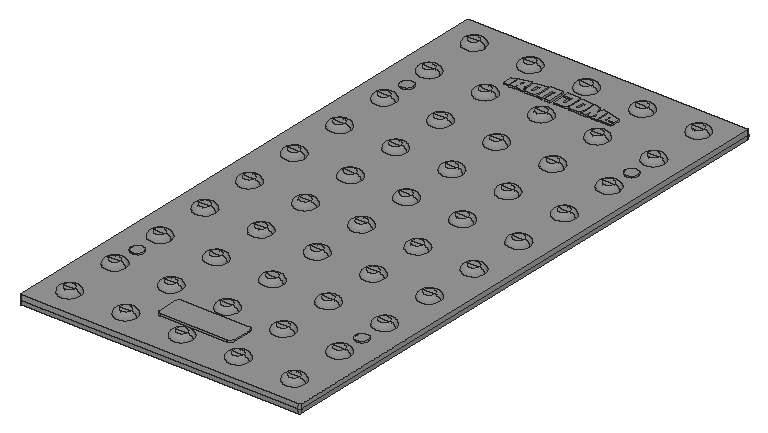
Revit family "Detectable-Warning-Surfaces_Cast-Iron-Dome-12x24_ADA-Solutions", category Generic Models, host Floor, Revit 2026
Family settings
  Host = Floor
  Can host rebar = No
  Round Connector Dimension = Use Diameter
  Part Type = Normal
  Always vertical = Yes
  Cut with Voids When Loaded = No
  Maintain Annotation Orientation = No
  Shared = No
  Room Calculation Point = No
Parameters (values of type "ADA Brick Red")
  Width = 24"
  URL = "https://adatile.com/"
  Specification = ""
  Product Page URL = "https://www.arcat.com/arcatcos/cos41/arc41776.html"
  Model = "Iron Dome Cast Iron"
  Manufacturer = "ADA Solutions"
  Length = 12"
  Keynote = "09 33 00"
  Default Elevation = 0"
  Copyright = "ARCAT"
  Color = ADA Brick Red
  CAD Details = ""
Reference planes (in)
  plane 1 "Center (Front/Back)": y = 0
  plane 2: z = 0
  plane 3 "Center (Left/Right)": x = 0
  plane 4: x = -6
  plane 5: y = 12
  plane 6: x = 6
  plane 7: y = -12
Forms (in)
  Blend 1, solid, material "ADA Brick Red" <- "Color"
    base sketch origin (0, 0, 0) x (1, 0, 0) y (0, 1, 0)
      loop
        arc (-6, -11.91034) -> (-5.97374, -11.97374) -> (-5.91034, -12) r 0.08966
        line (-5.91034, -12) -> (5.91355, -12)
        arc (5.91355, -12) -> (5.97427, -11.97417) -> (6, -11.91342) r 0.08807
        line (6, -11.91342) -> (6, 11.91693)
        arc (6, 11.91693) -> (5.97229, 11.97571) -> (5.91202, 12) r 0.08902
        line (5.91202, 12) -> (-5.91927, 12)
        arc (-5.91927, 12) -> (-5.97675, 11.97058) -> (-6, 11.91034) r 0.09052
        line (-6, 11.91034) -> (-6, -11.91034)
    top sketch origin (0, 0, 0) x (1, 0, 0) y (0, 1, 0)
      loop
        arc (-5.98425, -11.91034) -> (-5.96259, -11.96264) -> (-5.91029, -11.98431) r 0.07396
        line (-5.91029, -11.98431) -> (5.91347, -11.98431)
        arc (5.91347, -11.98431) -> (5.96412, -11.96193) -> (5.98425, -11.91035) r 0.07258
        line (5.98425, -11.91035) -> (5.98425, 11.91187)
        arc (5.98425, 11.91187) -> (5.96305, 11.96305) -> (5.91187, 11.98425) r 0.07238
        line (5.91187, 11.98425) -> (-5.91533, 11.98425)
        arc (-5.91533, 11.98425) -> (-5.96377, 11.96233) -> (-5.98425, 11.91327) r 0.07254
        line (-5.98425, 11.91327) -> (-5.98425, -11.91034)
    from 0.18113 to 0.38113
  Blend 2, solid, material "ADA Brick Red" <- "Color", not visible
    base sketch origin (12.54943, -13.50875, 0.37994) x (0.873976, 0.485969, 0) y (-0.485969, 0.873976, 0)
      loop
        circle (-13.84615, 10.8) r 0.45206
    top sketch origin (12.54943, -13.50875, 0.37994) x (0.873976, 0.485969, 0) y (-0.485969, 0.873976, 0)
      loop
        circle (-13.84615, 10.8) r 0.225
    from 0 to 0.19922
  Extrusion 3, solid, material "ADA Brick Red" <- "Color"
    sketch origin (-0.08159, -0.05931, 0.38113) x (1, 0, 0) y (0, 1, 0)
      loop
        line (-2.24424, 9.74714) -> (-2.24424, 9.32801) -> (-2.0289, 9.32801) -> (-2.0289, 9.81409) -> (-2.24424, 9.74714)
      loop
        line (-1.99469, 9.32823) -> (-1.76086, 9.32823) -> (-1.76086, 9.43365) -> (-1.69112, 9.32826) -> (-1.39981, 9.32826) -> (-1.50168, 9.52449)
        arc (-1.50168, 9.52449) -> (-1.48607, 9.54796) -> (-1.47287, 9.57286) r 0.2836
        arc (-1.47287, 9.57286) -> (-1.43941, 9.7387) -> (-1.47509, 9.90407) r 0.41393
        arc (-1.47509, 9.90407) -> (-1.49637, 9.92984) -> (-1.52791, 9.94088) r 0.06222
        line (-1.52791, 9.94088) -> (-1.99469, 9.82331) -> (-1.99469, 9.32823)
      loop
        arc (-1.72604, 9.63462) -> (-1.67568, 9.67164) -> (-1.6976, 9.73018) r 0.0518
        line (-1.6976, 9.73018) -> (-1.76142, 9.71913) -> (-1.76005, 9.63095) -> (-1.72604, 9.63462)
      loop
        line (-0.84452, 9.52301) -> (-0.84452, 9.86966)
        arc (-0.84452, 9.86966) -> (-0.86815, 9.9681) -> (-0.9339, 10.04508) r 0.21683
        line (-0.9339, 10.04508) -> (-1.33056, 9.981)
        arc (-1.33056, 9.981) -> (-1.38551, 9.90179) -> (-1.41087, 9.80878) r 0.2847
        line (-1.41087, 9.80878) -> (-1.41087, 9.45983)
        arc (-1.41087, 9.45983) -> (-1.38207, 9.38267) -> (-1.32023, 9.32826) r 0.16911
        line (-1.32023, 9.32826) -> (-0.92959, 9.32826)
        arc (-0.92959, 9.32826) -> (-0.86672, 9.41675) -> (-0.84452, 9.52301) r 0.26543
      loop
        line (-1.18548, 9.80955) -> (-1.18098, 9.53076) -> (-1.08103, 9.5323) -> (-1.08547, 9.82106) -> (-1.18548, 9.80955)
      loop
        line (-0.5866, 9.8589) -> (-0.48469, 9.86454) -> (-0.48028, 9.32733) -> (-0.25534, 9.32733) -> (-0.25826, 9.93313)
        arc (-0.25826, 9.93313) -> (-0.28091, 10.0254) -> (-0.34303, 10.09728) r 0.20321
        line (-0.34303, 10.09728) -> (-0.82471, 10.06639) -> (-0.81531, 9.32733) -> (-0.58147, 9.32733) -> (-0.5866, 9.8589)
      loop
        line (-0.10011, 10.11434) -> (-0.09956, 9.8784) -> (0.23913, 9.87737) -> (0.23815, 9.55739) -> (0.13727, 9.55796) -> (0.13727, 9.81278) -> (-0.09802, 9.81223) -> (-0.09689, 9.32861) -> (0.38036, 9.32861)
        arc (0.38036, 9.32861) -> (0.43971, 9.39193) -> (0.46192, 9.47583) r 0.17735
        line (0.46192, 9.47583) -> (0.46686, 9.90497)
        arc (0.46686, 9.90497) -> (0.44623, 10.01766) -> (0.3848, 10.11434) r 0.29935
        line (0.3848, 10.11434) -> (-0.10011, 10.11434)
      loop
        line (0.96769, 10.05303) -> (0.56606, 10.08652)
        arc (0.56606, 10.08652) -> (0.5117, 10.00368) -> (0.49263, 9.90644) r 0.25752
        line (0.49263, 9.90644) -> (0.49263, 9.473)
        arc (0.49263, 9.473) -> (0.51372, 9.39065) -> (0.57181, 9.32858) r 0.1713
        line (0.57181, 9.32858) -> (0.96513, 9.32977)
        arc (0.96513, 9.32977) -> (1.02923, 9.41501) -> (1.05246, 9.5191) r 0.25276
        line (1.05246, 9.5191) -> (1.055, 9.88075)
        arc (1.055, 9.88075) -> (1.03225, 9.97748) -> (0.96769, 10.05303) r 0.21071
      loop
        line (0.8199, 9.8545) -> (0.71945, 9.86151) -> (0.71704, 9.54793) -> (0.81568, 9.54658) -> (0.8199, 9.8545)
      loop
        line (1.34452, 9.9961) -> (1.08668, 10.03718) -> (1.07697, 9.32785) -> (1.29239, 9.32877) -> (1.295, 9.52663) -> (1.36153, 9.32841) -> (1.47161, 9.32841) -> (1.55297, 9.52753) -> (1.54956, 9.32836) -> (1.75672, 9.32836) -> (1.76621, 9.90775) -> (1.51188, 9.96968) -> (1.42385, 9.75936) -> (1.34452, 9.9961)
      loop
        line (1.79264, 9.90131) -> (1.78343, 9.3288) -> (2.34061, 9.3288) -> (2.34061, 9.44493) -> (2.01494, 9.47192) -> (2.01542, 9.51058) -> (2.34061, 9.47637) -> (2.34061, 9.58783) -> (2.01716, 9.64761) -> (2.01716, 9.68615) -> (2.34008, 9.61956) -> (2.34061, 9.74714) -> (1.79264, 9.90131)
      loop
        line (1.48659, -8.94956) -> (-1.32341, -8.94956)
        arc (-1.32341, -8.94956) -> (-1.45776, -9.00521) -> (-1.51341, -9.13956) r 0.19
        line (-1.51341, -9.13956) -> (-1.51341, -9.93956)
        arc (-1.51341, -9.93956) -> (-1.45776, -10.07391) -> (-1.32341, -10.12956) r 0.19
        line (-1.32341, -10.12956) -> (1.48659, -10.12956)
        arc (1.48659, -10.12956) -> (1.62094, -10.07391) -> (1.67659, -9.93956) r 0.19
        line (1.67659, -9.93956) -> (1.67659, -9.13956)
        arc (1.67659, -9.13956) -> (1.62094, -9.00521) -> (1.48659, -8.94956) r 0.19
    from 0 to 0.06
  Extrusion 4, void
    sketch origin (0, 0, 0) x (1, 0, 0) y (0, 1, 0)
      loop
        circle (-4.79978, -7.20023) r 0.26981
      loop
        circle (4.8, -7.2) r 0.26981
      loop
        circle (-4.8, 7.2) r 0.26981
      loop
        circle (4.8, 7.2) r 0.26981
    from 0.18113 to 0.38113
  Blend 5, solid, material "ADA Brick Red" <- "Color"
    base sketch origin (0.0001, 0.00009, 0) x (1, 0, 0) y (0, 1, 0)
      loop
        arc (-5.91533, 11.98425) -> (-5.96377, 11.96233) -> (-5.98425, 11.91327) r 0.07254
        line (-5.98425, 11.91327) -> (-5.98425, -11.91034)
        arc (-5.98425, -11.91034) -> (-5.96259, -11.96264) -> (-5.91029, -11.98431) r 0.07396
        line (-5.91029, -11.98431) -> (5.91347, -11.98431)
        arc (5.91347, -11.98431) -> (5.96412, -11.96193) -> (5.98425, -11.91035) r 0.07258
        line (5.98425, -11.91035) -> (5.98425, 11.91187)
        arc (5.98425, 11.91187) -> (5.96305, 11.96305) -> (5.91187, 11.98425) r 0.07238
        line (5.91187, 11.98425) -> (-5.91533, 11.98425)
    top sketch origin (0.0001, 0.00009, 0) x (1, 0, 0) y (0, 1, 0)
      loop
        line (-5.91029, -12.00027) -> (5.91364, -12.00027)
        arc (5.91364, -12.00027) -> (5.97478, -11.97401) -> (5.99998, -11.91243) r 0.08785
        line (5.99998, -11.91243) -> (5.99998, 11.91899)
        arc (5.99998, 11.91899) -> (5.97143, 11.97663) -> (5.91147, 11.99991) r 0.08886
        line (5.91147, 11.99991) -> (-5.9201, 11.99991)
        arc (-5.9201, 11.99991) -> (-5.97714, 11.97015) -> (-6.0001, 11.91001) r 0.09052
        line (-6.0001, 11.91001) -> (-6.0001, -11.91046)
        arc (-6.0001, -11.91046) -> (-5.97379, -11.97396) -> (-5.91029, -12.00027) r 0.0898
    from 0 to 0.18113
  Extrusion 6, solid, material "ADA Brick Red" <- "Color"
    sketch origin (0, 0, 0) x (1, 0, 0) y (0, 1, 0)
      loop
        circle (-4.80001, 7.19916) r 0.2698
      loop
        circle (4.79999, 7.19916) r 0.2698
      loop
        circle (-4.80001, -7.20106) r 0.2698
      loop
        circle (4.79999, -7.20106) r 0.2698
    from 0 to 0.41
  Revolve 7, solid, material "ADA Brick Red" <- "Color", not visible
    sketch origin (19.20141, 1.19882, 0) x (1, 0, 0) y (0, 0, 1)
      loop
        line (1.14124, 5.37478) -> (0.89322, 5.37478)
        arc (0.89322, 5.37478) -> (0.75575, 5.31212) -> (0.68625, 5.17798) r 0.23136
        line (0.68625, 5.17798) -> (1.14124, 5.17798) -> (1.14124, 5.37478)
      axis (1.14124, 5.37478) -> (1.14124, 5.17798)
    angle from 0 to 360
  Revolve 8, solid, material "ADA Brick Red" <- "Color"
    sketch origin (3.66219, 10.78488, -4.79798) x (1, 0, 0) y (0, 0, 1)
      loop
        line (1.14124, 5.37478) -> (0.89322, 5.37478)
        arc (0.89322, 5.37478) -> (0.75575, 5.31212) -> (0.68625, 5.17798) r 0.23136
        line (0.68625, 5.17798) -> (1.14124, 5.17798) -> (1.14124, 5.37478)
      axis (1.14124, 5.37478) -> (1.14124, 5.17798)
    angle from 0 to 360
  Revolve 9, solid, material "ADA Brick Red" <- "Color"
    sketch origin (1.26195, 10.78488, -4.79798) x (1, 0, 0) y (0, 0, 1)
      loop
        line (1.14124, 5.37478) -> (0.89322, 5.37478)
        arc (0.89322, 5.37478) -> (0.75575, 5.31212) -> (0.68625, 5.17798) r 0.23136
        line (0.68625, 5.17798) -> (1.14124, 5.17798) -> (1.14124, 5.37478)
      axis (1.14124, 5.37478) -> (1.14124, 5.17798)
    angle from 0 to 360
  Revolve 10, solid, material "ADA Brick Red" <- "Color"
    sketch origin (-1.13828, 10.78488, -4.79798) x (1, 0, 0) y (0, 0, 1)
      loop
        line (1.14124, 5.37478) -> (0.89322, 5.37478)
        arc (0.89322, 5.37478) -> (0.75575, 5.31212) -> (0.68625, 5.17798) r 0.23136
        line (0.68625, 5.17798) -> (1.14124, 5.17798) -> (1.14124, 5.37478)
      axis (1.14124, 5.37478) -> (1.14124, 5.17798)
    angle from 0 to 360
  Revolve 11, solid, material "ADA Brick Red" <- "Color"
    sketch origin (-3.53851, 10.78488, -4.79798) x (1, 0, 0) y (0, 0, 1)
      loop
        line (1.14124, 5.37478) -> (0.89322, 5.37478)
        arc (0.89322, 5.37478) -> (0.75575, 5.31212) -> (0.68625, 5.17798) r 0.23136
        line (0.68625, 5.17798) -> (1.14124, 5.17798) -> (1.14124, 5.37478)
      axis (1.14124, 5.37478) -> (1.14124, 5.17798)
    angle from 0 to 360
  Revolve 12, solid, material "ADA Brick Red" <- "Color"
    sketch origin (-5.93875, 10.78488, -4.79798) x (1, 0, 0) y (0, 0, 1)
      loop
        line (1.14124, 5.37478) -> (0.89322, 5.37478)
        arc (0.89322, 5.37478) -> (0.75575, 5.31212) -> (0.68625, 5.17798) r 0.23136
        line (0.68625, 5.17798) -> (1.14124, 5.17798) -> (1.14124, 5.37478)
      axis (1.14124, 5.37478) -> (1.14124, 5.17798)
    angle from 0 to 360
  Revolve 13, solid, material "ADA Brick Red" <- "Color"
    sketch origin (3.66219, 8.38538, -4.79798) x (1, 0, 0) y (0, 0, 1)
      loop
        line (1.14124, 5.37478) -> (0.89322, 5.37478)
        arc (0.89322, 5.37478) -> (0.75575, 5.31212) -> (0.68625, 5.17798) r 0.23136
        line (0.68625, 5.17798) -> (1.14124, 5.17798) -> (1.14124, 5.37478)
      axis (1.14124, 5.37478) -> (1.14124, 5.17798)
    angle from 0 to 360
  Revolve 14, solid, material "ADA Brick Red" <- "Color"
    sketch origin (1.26195, 8.38538, -4.79798) x (1, 0, 0) y (0, 0, 1)
      loop
        line (1.14124, 5.37478) -> (0.89322, 5.37478)
        arc (0.89322, 5.37478) -> (0.75575, 5.31212) -> (0.68625, 5.17798) r 0.23136
        line (0.68625, 5.17798) -> (1.14124, 5.17798) -> (1.14124, 5.37478)
      axis (1.14124, 5.37478) -> (1.14124, 5.17798)
    angle from 0 to 360
  Revolve 15, solid, material "ADA Brick Red" <- "Color"
    sketch origin (-1.13828, 8.38538, -4.79798) x (1, 0, 0) y (0, 0, 1)
      loop
        line (1.14124, 5.37478) -> (0.89322, 5.37478)
        arc (0.89322, 5.37478) -> (0.75575, 5.31212) -> (0.68625, 5.17798) r 0.23136
        line (0.68625, 5.17798) -> (1.14124, 5.17798) -> (1.14124, 5.37478)
      axis (1.14124, 5.37478) -> (1.14124, 5.17798)
    angle from 0 to 360
  Revolve 16, solid, material "ADA Brick Red" <- "Color"
    sketch origin (-3.53851, 8.38538, -4.79798) x (1, 0, 0) y (0, 0, 1)
      loop
        line (1.14124, 5.37478) -> (0.89322, 5.37478)
        arc (0.89322, 5.37478) -> (0.75575, 5.31212) -> (0.68625, 5.17798) r 0.23136
        line (0.68625, 5.17798) -> (1.14124, 5.17798) -> (1.14124, 5.37478)
      axis (1.14124, 5.37478) -> (1.14124, 5.17798)
    angle from 0 to 360
  Revolve 17, solid, material "ADA Brick Red" <- "Color"
    sketch origin (-5.93875, 8.38538, -4.79798) x (1, 0, 0) y (0, 0, 1)
      loop
        line (1.14124, 5.37478) -> (0.89322, 5.37478)
        arc (0.89322, 5.37478) -> (0.75575, 5.31212) -> (0.68625, 5.17798) r 0.23136
        line (0.68625, 5.17798) -> (1.14124, 5.17798) -> (1.14124, 5.37478)
      axis (1.14124, 5.37478) -> (1.14124, 5.17798)
    angle from 0 to 360
  Revolve 18, solid, material "ADA Brick Red" <- "Color"
    sketch origin (3.66219, 5.99287, -4.79798) x (1, 0, 0) y (0, 0, 1)
      loop
        line (1.14124, 5.37478) -> (0.89322, 5.37478)
        arc (0.89322, 5.37478) -> (0.75575, 5.31212) -> (0.68625, 5.17798) r 0.23136
        line (0.68625, 5.17798) -> (1.14124, 5.17798) -> (1.14124, 5.37478)
      axis (1.14124, 5.37478) -> (1.14124, 5.17798)
    angle from 0 to 360
  Revolve 19, solid, material "ADA Brick Red" <- "Color"
    sketch origin (1.26195, 5.99287, -4.79798) x (1, 0, 0) y (0, 0, 1)
      loop
        line (1.14124, 5.37478) -> (0.89322, 5.37478)
        arc (0.89322, 5.37478) -> (0.75575, 5.31212) -> (0.68625, 5.17798) r 0.23136
        line (0.68625, 5.17798) -> (1.14124, 5.17798) -> (1.14124, 5.37478)
      axis (1.14124, 5.37478) -> (1.14124, 5.17798)
    angle from 0 to 360
  Revolve 20, solid, material "ADA Brick Red" <- "Color"
    sketch origin (-1.13828, 5.99287, -4.79798) x (1, 0, 0) y (0, 0, 1)
      loop
        line (1.14124, 5.37478) -> (0.89322, 5.37478)
        arc (0.89322, 5.37478) -> (0.75575, 5.31212) -> (0.68625, 5.17798) r 0.23136
        line (0.68625, 5.17798) -> (1.14124, 5.17798) -> (1.14124, 5.37478)
      axis (1.14124, 5.37478) -> (1.14124, 5.17798)
    angle from 0 to 360
  Revolve 21, solid, material "ADA Brick Red" <- "Color"
    sketch origin (-3.53851, 5.99287, -4.79798) x (1, 0, 0) y (0, 0, 1)
      loop
        line (1.14124, 5.37478) -> (0.89322, 5.37478)
        arc (0.89322, 5.37478) -> (0.75575, 5.31212) -> (0.68625, 5.17798) r 0.23136
        line (0.68625, 5.17798) -> (1.14124, 5.17798) -> (1.14124, 5.37478)
      axis (1.14124, 5.37478) -> (1.14124, 5.17798)
    angle from 0 to 360
  Revolve 22, solid, material "ADA Brick Red" <- "Color"
    sketch origin (-5.93875, 5.99287, -4.79798) x (1, 0, 0) y (0, 0, 1)
      loop
        line (1.14124, 5.37478) -> (0.89322, 5.37478)
        arc (0.89322, 5.37478) -> (0.75575, 5.31212) -> (0.68625, 5.17798) r 0.23136
        line (0.68625, 5.17798) -> (1.14124, 5.17798) -> (1.14124, 5.37478)
      axis (1.14124, 5.37478) -> (1.14124, 5.17798)
    angle from 0 to 360
  Revolve 23, solid, material "ADA Brick Red" <- "Color"
    sketch origin (3.66219, 3.60197, -4.79798) x (1, 0, 0) y (0, 0, 1)
      loop
        line (1.14124, 5.37478) -> (0.89322, 5.37478)
        arc (0.89322, 5.37478) -> (0.75575, 5.31212) -> (0.68625, 5.17798) r 0.23136
        line (0.68625, 5.17798) -> (1.14124, 5.17798) -> (1.14124, 5.37478)
      axis (1.14124, 5.37478) -> (1.14124, 5.17798)
    angle from 0 to 360
  Revolve 24, solid, material "ADA Brick Red" <- "Color"
    sketch origin (1.26195, 3.60197, -4.79798) x (1, 0, 0) y (0, 0, 1)
      loop
        line (1.14124, 5.37478) -> (0.89322, 5.37478)
        arc (0.89322, 5.37478) -> (0.75575, 5.31212) -> (0.68625, 5.17798) r 0.23136
        line (0.68625, 5.17798) -> (1.14124, 5.17798) -> (1.14124, 5.37478)
      axis (1.14124, 5.37478) -> (1.14124, 5.17798)
    angle from 0 to 360
  Revolve 25, solid, material "ADA Brick Red" <- "Color"
    sketch origin (-1.13828, 3.60197, -4.79798) x (1, 0, 0) y (0, 0, 1)
      loop
        line (1.14124, 5.37478) -> (0.89322, 5.37478)
        arc (0.89322, 5.37478) -> (0.75575, 5.31212) -> (0.68625, 5.17798) r 0.23136
        line (0.68625, 5.17798) -> (1.14124, 5.17798) -> (1.14124, 5.37478)
      axis (1.14124, 5.37478) -> (1.14124, 5.17798)
    angle from 0 to 360
  Revolve 26, solid, material "ADA Brick Red" <- "Color"
    sketch origin (-3.53851, 3.60197, -4.79798) x (1, 0, 0) y (0, 0, 1)
      loop
        line (1.14124, 5.37478) -> (0.89322, 5.37478)
        arc (0.89322, 5.37478) -> (0.75575, 5.31212) -> (0.68625, 5.17798) r 0.23136
        line (0.68625, 5.17798) -> (1.14124, 5.17798) -> (1.14124, 5.37478)
      axis (1.14124, 5.37478) -> (1.14124, 5.17798)
    angle from 0 to 360
  Revolve 27, solid, material "ADA Brick Red" <- "Color"
    sketch origin (-5.93875, 3.60197, -4.79798) x (1, 0, 0) y (0, 0, 1)
      loop
        line (1.14124, 5.37478) -> (0.89322, 5.37478)
        arc (0.89322, 5.37478) -> (0.75575, 5.31212) -> (0.68625, 5.17798) r 0.23136
        line (0.68625, 5.17798) -> (1.14124, 5.17798) -> (1.14124, 5.37478)
      axis (1.14124, 5.37478) -> (1.14124, 5.17798)
    angle from 0 to 360
  Revolve 28, solid, material "ADA Brick Red" <- "Color"
    sketch origin (3.66219, 1.17566, -4.79798) x (1, 0, 0) y (0, 0, 1)
      loop
        line (1.14124, 5.37478) -> (0.89322, 5.37478)
        arc (0.89322, 5.37478) -> (0.75575, 5.31212) -> (0.68625, 5.17798) r 0.23136
        line (0.68625, 5.17798) -> (1.14124, 5.17798) -> (1.14124, 5.37478)
      axis (1.14124, 5.37478) -> (1.14124, 5.17798)
    angle from 0 to 360
  Revolve 29, solid, material "ADA Brick Red" <- "Color"
    sketch origin (1.26195, 1.17566, -4.79798) x (1, 0, 0) y (0, 0, 1)
      loop
        line (1.14124, 5.37478) -> (0.89322, 5.37478)
        arc (0.89322, 5.37478) -> (0.75575, 5.31212) -> (0.68625, 5.17798) r 0.23136
        line (0.68625, 5.17798) -> (1.14124, 5.17798) -> (1.14124, 5.37478)
      axis (1.14124, 5.37478) -> (1.14124, 5.17798)
    angle from 0 to 360
  Revolve 30, solid, material "ADA Brick Red" <- "Color"
    sketch origin (-1.13828, 1.17566, -4.79798) x (1, 0, 0) y (0, 0, 1)
      loop
        line (1.14124, 5.37478) -> (0.89322, 5.37478)
        arc (0.89322, 5.37478) -> (0.75575, 5.31212) -> (0.68625, 5.17798) r 0.23136
        line (0.68625, 5.17798) -> (1.14124, 5.17798) -> (1.14124, 5.37478)
      axis (1.14124, 5.37478) -> (1.14124, 5.17798)
    angle from 0 to 360
  Revolve 31, solid, material "ADA Brick Red" <- "Color"
    sketch origin (-3.53851, 1.17566, -4.79798) x (1, 0, 0) y (0, 0, 1)
      loop
        line (1.14124, 5.37478) -> (0.89322, 5.37478)
        arc (0.89322, 5.37478) -> (0.75575, 5.31212) -> (0.68625, 5.17798) r 0.23136
        line (0.68625, 5.17798) -> (1.14124, 5.17798) -> (1.14124, 5.37478)
      axis (1.14124, 5.37478) -> (1.14124, 5.17798)
    angle from 0 to 360
  Revolve 32, solid, material "ADA Brick Red" <- "Color"
    sketch origin (-5.93875, 1.17566, -4.79798) x (1, 0, 0) y (0, 0, 1)
      loop
        line (1.14124, 5.37478) -> (0.89322, 5.37478)
        arc (0.89322, 5.37478) -> (0.75575, 5.31212) -> (0.68625, 5.17798) r 0.23136
        line (0.68625, 5.17798) -> (1.14124, 5.17798) -> (1.14124, 5.37478)
      axis (1.14124, 5.37478) -> (1.14124, 5.17798)
    angle from 0 to 360
  Revolve 33, solid, material "ADA Brick Red" <- "Color"
    sketch origin (3.66219, -1.21875, -4.79798) x (1, 0, 0) y (0, 0, 1)
      loop
        line (1.14124, 5.37478) -> (0.89322, 5.37478)
        arc (0.89322, 5.37478) -> (0.75575, 5.31212) -> (0.68625, 5.17798) r 0.23136
        line (0.68625, 5.17798) -> (1.14124, 5.17798) -> (1.14124, 5.37478)
      axis (1.14124, 5.37478) -> (1.14124, 5.17798)
    angle from 0 to 360
  Revolve 34, solid, material "ADA Brick Red" <- "Color"
    sketch origin (1.26195, -1.21875, -4.79798) x (1, 0, 0) y (0, 0, 1)
      loop
        line (1.14124, 5.37478) -> (0.89322, 5.37478)
        arc (0.89322, 5.37478) -> (0.75575, 5.31212) -> (0.68625, 5.17798) r 0.23136
        line (0.68625, 5.17798) -> (1.14124, 5.17798) -> (1.14124, 5.37478)
      axis (1.14124, 5.37478) -> (1.14124, 5.17798)
    angle from 0 to 360
  Revolve 35, solid, material "ADA Brick Red" <- "Color"
    sketch origin (-1.13828, -1.21875, -4.79798) x (1, 0, 0) y (0, 0, 1)
      loop
        line (1.14124, 5.37478) -> (0.89322, 5.37478)
        arc (0.89322, 5.37478) -> (0.75575, 5.31212) -> (0.68625, 5.17798) r 0.23136
        line (0.68625, 5.17798) -> (1.14124, 5.17798) -> (1.14124, 5.37478)
      axis (1.14124, 5.37478) -> (1.14124, 5.17798)
    angle from 0 to 360
  Revolve 36, solid, material "ADA Brick Red" <- "Color"
    sketch origin (-3.53851, -1.21875, -4.79798) x (1, 0, 0) y (0, 0, 1)
      loop
        line (1.14124, 5.37478) -> (0.89322, 5.37478)
        arc (0.89322, 5.37478) -> (0.75575, 5.31212) -> (0.68625, 5.17798) r 0.23136
        line (0.68625, 5.17798) -> (1.14124, 5.17798) -> (1.14124, 5.37478)
      axis (1.14124, 5.37478) -> (1.14124, 5.17798)
    angle from 0 to 360
  Revolve 37, solid, material "ADA Brick Red" <- "Color"
    sketch origin (-5.93875, -1.21875, -4.79798) x (1, 0, 0) y (0, 0, 1)
      loop
        line (1.14124, 5.37478) -> (0.89322, 5.37478)
        arc (0.89322, 5.37478) -> (0.75575, 5.31212) -> (0.68625, 5.17798) r 0.23136
        line (0.68625, 5.17798) -> (1.14124, 5.17798) -> (1.14124, 5.37478)
      axis (1.14124, 5.37478) -> (1.14124, 5.17798)
    angle from 0 to 360
  Revolve 38, solid, material "ADA Brick Red" <- "Color"
    sketch origin (3.66219, -3.59003, -4.79798) x (1, 0, 0) y (0, 0, 1)
      loop
        line (1.14124, 5.37478) -> (0.89322, 5.37478)
        arc (0.89322, 5.37478) -> (0.75575, 5.31212) -> (0.68625, 5.17798) r 0.23136
        line (0.68625, 5.17798) -> (1.14124, 5.17798) -> (1.14124, 5.37478)
      axis (1.14124, 5.37478) -> (1.14124, 5.17798)
    angle from 0 to 360
  Revolve 39, solid, material "ADA Brick Red" <- "Color"
    sketch origin (1.26195, -3.59003, -4.79798) x (1, 0, 0) y (0, 0, 1)
      loop
        line (1.14124, 5.37478) -> (0.89322, 5.37478)
        arc (0.89322, 5.37478) -> (0.75575, 5.31212) -> (0.68625, 5.17798) r 0.23136
        line (0.68625, 5.17798) -> (1.14124, 5.17798) -> (1.14124, 5.37478)
      axis (1.14124, 5.37478) -> (1.14124, 5.17798)
    angle from 0 to 360
  Revolve 40, solid, material "ADA Brick Red" <- "Color"
    sketch origin (-1.13828, -3.59003, -4.79798) x (1, 0, 0) y (0, 0, 1)
      loop
        line (1.14124, 5.37478) -> (0.89322, 5.37478)
        arc (0.89322, 5.37478) -> (0.75575, 5.31212) -> (0.68625, 5.17798) r 0.23136
        line (0.68625, 5.17798) -> (1.14124, 5.17798) -> (1.14124, 5.37478)
      axis (1.14124, 5.37478) -> (1.14124, 5.17798)
    angle from 0 to 360
  Revolve 41, solid, material "ADA Brick Red" <- "Color"
    sketch origin (-3.53851, -3.59003, -4.79798) x (1, 0, 0) y (0, 0, 1)
      loop
        line (1.14124, 5.37478) -> (0.89322, 5.37478)
        arc (0.89322, 5.37478) -> (0.75575, 5.31212) -> (0.68625, 5.17798) r 0.23136
        line (0.68625, 5.17798) -> (1.14124, 5.17798) -> (1.14124, 5.37478)
      axis (1.14124, 5.37478) -> (1.14124, 5.17798)
    angle from 0 to 360
  Revolve 42, solid, material "ADA Brick Red" <- "Color"
    sketch origin (-5.93875, -3.59003, -4.79798) x (1, 0, 0) y (0, 0, 1)
      loop
        line (1.14124, 5.37478) -> (0.89322, 5.37478)
        arc (0.89322, 5.37478) -> (0.75575, 5.31212) -> (0.68625, 5.17798) r 0.23136
        line (0.68625, 5.17798) -> (1.14124, 5.17798) -> (1.14124, 5.37478)
      axis (1.14124, 5.37478) -> (1.14124, 5.17798)
    angle from 0 to 360
  Revolve 43, solid, material "ADA Brick Red" <- "Color"
    sketch origin (3.66219, -5.98572, -4.79798) x (1, 0, 0) y (0, 0, 1)
      loop
        line (1.14124, 5.37478) -> (0.89322, 5.37478)
        arc (0.89322, 5.37478) -> (0.75575, 5.31212) -> (0.68625, 5.17798) r 0.23136
        line (0.68625, 5.17798) -> (1.14124, 5.17798) -> (1.14124, 5.37478)
      axis (1.14124, 5.37478) -> (1.14124, 5.17798)
    angle from 0 to 360
  Revolve 44, solid, material "ADA Brick Red" <- "Color"
    sketch origin (1.26195, -5.98572, -4.79798) x (1, 0, 0) y (0, 0, 1)
      loop
        line (1.14124, 5.37478) -> (0.89322, 5.37478)
        arc (0.89322, 5.37478) -> (0.75575, 5.31212) -> (0.68625, 5.17798) r 0.23136
        line (0.68625, 5.17798) -> (1.14124, 5.17798) -> (1.14124, 5.37478)
      axis (1.14124, 5.37478) -> (1.14124, 5.17798)
    angle from 0 to 360
  Revolve 45, solid, material "ADA Brick Red" <- "Color"
    sketch origin (-1.13828, -5.98572, -4.79798) x (1, 0, 0) y (0, 0, 1)
      loop
        line (1.14124, 5.37478) -> (0.89322, 5.37478)
        arc (0.89322, 5.37478) -> (0.75575, 5.31212) -> (0.68625, 5.17798) r 0.23136
        line (0.68625, 5.17798) -> (1.14124, 5.17798) -> (1.14124, 5.37478)
      axis (1.14124, 5.37478) -> (1.14124, 5.17798)
    angle from 0 to 360
  Revolve 46, solid, material "ADA Brick Red" <- "Color"
    sketch origin (-3.53851, -5.98572, -4.79798) x (1, 0, 0) y (0, 0, 1)
      loop
        line (1.14124, 5.37478) -> (0.89322, 5.37478)
        arc (0.89322, 5.37478) -> (0.75575, 5.31212) -> (0.68625, 5.17798) r 0.23136
        line (0.68625, 5.17798) -> (1.14124, 5.17798) -> (1.14124, 5.37478)
      axis (1.14124, 5.37478) -> (1.14124, 5.17798)
    angle from 0 to 360
  Revolve 47, solid, material "ADA Brick Red" <- "Color"
    sketch origin (-5.93875, -5.98572, -4.79798) x (1, 0, 0) y (0, 0, 1)
      loop
        line (1.14124, 5.37478) -> (0.89322, 5.37478)
        arc (0.89322, 5.37478) -> (0.75575, 5.31212) -> (0.68625, 5.17798) r 0.23136
        line (0.68625, 5.17798) -> (1.14124, 5.17798) -> (1.14124, 5.37478)
      axis (1.14124, 5.37478) -> (1.14124, 5.17798)
    angle from 0 to 360
  Revolve 48, solid, material "ADA Brick Red" <- "Color"
    sketch origin (3.66219, -8.39197, -4.79798) x (1, 0, 0) y (0, 0, 1)
      loop
        line (1.14124, 5.37478) -> (0.89322, 5.37478)
        arc (0.89322, 5.37478) -> (0.75575, 5.31212) -> (0.68625, 5.17798) r 0.23136
        line (0.68625, 5.17798) -> (1.14124, 5.17798) -> (1.14124, 5.37478)
      axis (1.14124, 5.37478) -> (1.14124, 5.17798)
    angle from 0 to 360
  Revolve 49, solid, material "ADA Brick Red" <- "Color"
    sketch origin (1.26195, -8.39197, -4.79798) x (1, 0, 0) y (0, 0, 1)
      loop
        line (1.14124, 5.37478) -> (0.89322, 5.37478)
        arc (0.89322, 5.37478) -> (0.75575, 5.31212) -> (0.68625, 5.17798) r 0.23136
        line (0.68625, 5.17798) -> (1.14124, 5.17798) -> (1.14124, 5.37478)
      axis (1.14124, 5.37478) -> (1.14124, 5.17798)
    angle from 0 to 360
  Revolve 50, solid, material "ADA Brick Red" <- "Color"
    sketch origin (-1.13828, -8.39197, -4.79798) x (1, 0, 0) y (0, 0, 1)
      loop
        line (1.14124, 5.37478) -> (0.89322, 5.37478)
        arc (0.89322, 5.37478) -> (0.75575, 5.31212) -> (0.68625, 5.17798) r 0.23136
        line (0.68625, 5.17798) -> (1.14124, 5.17798) -> (1.14124, 5.37478)
      axis (1.14124, 5.37478) -> (1.14124, 5.17798)
    angle from 0 to 360
  Revolve 51, solid, material "ADA Brick Red" <- "Color"
    sketch origin (-3.53851, -8.39197, -4.79798) x (1, 0, 0) y (0, 0, 1)
      loop
        line (1.14124, 5.37478) -> (0.89322, 5.37478)
        arc (0.89322, 5.37478) -> (0.75575, 5.31212) -> (0.68625, 5.17798) r 0.23136
        line (0.68625, 5.17798) -> (1.14124, 5.17798) -> (1.14124, 5.37478)
      axis (1.14124, 5.37478) -> (1.14124, 5.17798)
    angle from 0 to 360
  Revolve 52, solid, material "ADA Brick Red" <- "Color"
    sketch origin (-5.93875, -8.39197, -4.79798) x (1, 0, 0) y (0, 0, 1)
      loop
        line (1.14124, 5.37478) -> (0.89322, 5.37478)
        arc (0.89322, 5.37478) -> (0.75575, 5.31212) -> (0.68625, 5.17798) r 0.23136
        line (0.68625, 5.17798) -> (1.14124, 5.17798) -> (1.14124, 5.37478)
      axis (1.14124, 5.37478) -> (1.14124, 5.17798)
    angle from 0 to 360
  Revolve 53, solid, material "ADA Brick Red" <- "Color"
    sketch origin (3.66219, -10.80851, -4.79798) x (1, 0, 0) y (0, 0, 1)
      loop
        line (1.14124, 5.37478) -> (0.89322, 5.37478)
        arc (0.89322, 5.37478) -> (0.75575, 5.31212) -> (0.68625, 5.17798) r 0.23136
        line (0.68625, 5.17798) -> (1.14124, 5.17798) -> (1.14124, 5.37478)
      axis (1.14124, 5.37478) -> (1.14124, 5.17798)
    angle from 0 to 360
  Revolve 54, solid, material "ADA Brick Red" <- "Color"
    sketch origin (1.26195, -10.80851, -4.79798) x (1, 0, 0) y (0, 0, 1)
      loop
        line (1.14124, 5.37478) -> (0.89322, 5.37478)
        arc (0.89322, 5.37478) -> (0.75575, 5.31212) -> (0.68625, 5.17798) r 0.23136
        line (0.68625, 5.17798) -> (1.14124, 5.17798) -> (1.14124, 5.37478)
      axis (1.14124, 5.37478) -> (1.14124, 5.17798)
    angle from 0 to 360
  Revolve 55, solid, material "ADA Brick Red" <- "Color"
    sketch origin (-1.13828, -10.80851, -4.79798) x (1, 0, 0) y (0, 0, 1)
      loop
        line (1.14124, 5.37478) -> (0.89322, 5.37478)
        arc (0.89322, 5.37478) -> (0.75575, 5.31212) -> (0.68625, 5.17798) r 0.23136
        line (0.68625, 5.17798) -> (1.14124, 5.17798) -> (1.14124, 5.37478)
      axis (1.14124, 5.37478) -> (1.14124, 5.17798)
    angle from 0 to 360
  Revolve 56, solid, material "ADA Brick Red" <- "Color"
    sketch origin (-3.53851, -10.80851, -4.79798) x (1, 0, 0) y (0, 0, 1)
      loop
        line (1.14124, 5.37478) -> (0.89322, 5.37478)
        arc (0.89322, 5.37478) -> (0.75575, 5.31212) -> (0.68625, 5.17798) r 0.23136
        line (0.68625, 5.17798) -> (1.14124, 5.17798) -> (1.14124, 5.37478)
      axis (1.14124, 5.37478) -> (1.14124, 5.17798)
    angle from 0 to 360
  Revolve 57, solid, material "ADA Brick Red" <- "Color"
    sketch origin (-5.93875, -10.80851, -4.79798) x (1, 0, 0) y (0, 0, 1)
      loop
        line (1.14124, 5.37478) -> (0.89322, 5.37478)
        arc (0.89322, 5.37478) -> (0.75575, 5.31212) -> (0.68625, 5.17798) r 0.23136
        line (0.68625, 5.17798) -> (1.14124, 5.17798) -> (1.14124, 5.37478)
      axis (1.14124, 5.37478) -> (1.14124, 5.17798)
    angle from 0 to 360
Cuts and joins
  Extrusion 4 cuts Blend 1
Dimensions and locks (in)
  equal spacing: host sketch curve, plane 1 "Center (Front/Back)", host sketch curve
  equal spacing: host sketch curve, plane 3 "Center (Left/Right)", host sketch curve
  host sketch curve to host sketch curve = 120"  (x2)
  equal spacing: plane 4, plane 3 "Center (Left/Right)", plane 6
  equal spacing: plane 5, plane 1 "Center (Front/Back)", plane 7
  "Width": plane 5 to plane 7
  "Length": plane 4 to plane 6
  aligned and locked: level to plane 2
  aligned and locked: cut or joined group of Blend 1, Extrusion 4 to plane 5
  aligned and locked: cut or joined group of Blend 1, Extrusion 4 to plane 4
Automatic sketch dimensions
  Blend 1 sketch curve to plane 4 = 0"
  Blend 1 sketch curve to plane 5 = 0"
  plane 7 to Blend 1 sketch curve = 0"
  Blend 1 sketch curve to plane 6 = 0"
  Blend 1 sketch curve to plane 4 = 0.08073"
  Blend 1 sketch curve to Blend 1 sketch curve = 0.08966"
  Blend 1 sketch curve to plane 5 = 0.08999"
  Blend 1 sketch curve to Blend 1 sketch curve = 0.00979"
  Blend 1 sketch curve to plane 6 = 0.08882"
  Blend 1 sketch curve to plane 6 = 0.08805"
  Blend 1 sketch curve to plane 6 = 0.08798"
  Blend 1 sketch curve to plane 6 = 0.08645"
  Blend 1 sketch curve to plane 7 = 0.08658"
  Blend 1 sketch curve to Blend 1 sketch curve = 0.08902"
  Blend 1 sketch curve to plane 4 = 0.01575"
  Blend 1 sketch curve to plane 5 = 0.01575"
  Blend 1 sketch curve to plane 4 = 0.08467"
  Blend 1 sketch curve to Blend 1 sketch curve = 0.07252"
  Blend 1 sketch curve to plane 7 = 0.01569"
  Blend 1 sketch curve to plane 4 = 0.08971"
  Blend 1 sketch curve to plane 6 = 0.08831"
  Blend 1 sketch curve to plane 6 = 0.08813"
  Blend 1 sketch curve to Blend 1 sketch curve = 0.00178"
  Blend 1 sketch curve to plane 6 = 0.01575"
  Blend 1 sketch curve to Blend 1 sketch curve = 0.07256"
  Blend 1 sketch curve to Blend 1 sketch curve = 0.07245"
  Extrusion 3 sketch curve to plane 3 "Center (Left/Right)" = 2.32583"
  Extrusion 3 sketch curve to Extrusion 3 sketch curve = 0.21534"
  Extrusion 3 sketch curve to Extrusion 3 sketch curve = 0.0342"
  Extrusion 3 sketch curve to Extrusion 3 sketch curve = 0.14136"
  Extrusion 3 sketch curve to Extrusion 3 sketch curve = 0.09192"
  Extrusion 3 sketch curve to Extrusion 3 sketch curve = 0.23384"  (x2)
  Extrusion 3 sketch curve to Extrusion 3 sketch curve = 0.00137"
  Extrusion 3 sketch curve to Extrusion 3 sketch curve = 0.03169"
  Extrusion 3 sketch curve to Extrusion 3 sketch curve = 0.03401"
  Extrusion 3 sketch curve to Extrusion 3 sketch curve = 0.0044"
  Extrusion 3 sketch curve to Extrusion 3 sketch curve = 0.03212"
  Extrusion 3 sketch curve to Extrusion 3 sketch curve = 0.06974"
  Extrusion 3 sketch curve to Extrusion 3 sketch curve = 0.16565"
  Extrusion 3 sketch curve to Extrusion 3 sketch curve = 0.00404"
  Extrusion 3 sketch curve to plane 3 "Center (Left/Right)" = 1.595"
  Extrusion 3 sketch curve to Extrusion 3 sketch curve = 0.22436"
  Extrusion 3 sketch curve to Extrusion 3 sketch curve = 0.12108"
  Extrusion 3 sketch curve to Extrusion 3 sketch curve = 0.01106"
  Extrusion 3 sketch curve to Extrusion 3 sketch curve = 0.08031"
  Extrusion 3 sketch curve to Extrusion 3 sketch curve = 0.19"  (x3)
  Extrusion 3 sketch curve to Extrusion 3 sketch curve = 0.07958"
  Extrusion 3 sketch curve to Extrusion 3 sketch curve = 0.16806"
  Extrusion 3 sketch curve to Extrusion 3 sketch curve = 0.14508"
  Extrusion 3 sketch curve to Extrusion 3 sketch curve = 0.06183"
  Extrusion 3 sketch curve to Extrusion 3 sketch curve = 0.058"
  Extrusion 3 sketch curve to Extrusion 3 sketch curve = 0.07103"
  Extrusion 3 sketch curve to Extrusion 3 sketch curve = 0.04201"
  Extrusion 3 sketch curve to Extrusion 3 sketch curve = 0.02892"
  Extrusion 3 sketch curve to Extrusion 3 sketch curve = 0.02412"
  Extrusion 3 sketch curve to Extrusion 3 sketch curve = 0.12745"
  Extrusion 3 sketch curve to Extrusion 3 sketch curve = 0.15144"
  Extrusion 3 sketch curve to Extrusion 3 sketch curve = 0.08507"
  Extrusion 3 sketch curve to Extrusion 3 sketch curve = 0.10919"
  Extrusion 3 sketch curve to Extrusion 3 sketch curve = 0.11429"
  Extrusion 3 sketch curve to Extrusion 3 sketch curve = 0.25792"
  Extrusion 3 sketch curve to Extrusion 3 sketch curve = 0.10191"
  Extrusion 3 sketch curve to Extrusion 3 sketch curve = 0.10119"
  Extrusion 3 sketch curve to Extrusion 3 sketch curve = 0.02323"
  Extrusion 3 sketch curve to Extrusion 3 sketch curve = 0.11844"
  Extrusion 3 sketch curve to Extrusion 3 sketch curve = 0.08477"
  Extrusion 3 sketch curve to Extrusion 3 sketch curve = 0.22495"
  Extrusion 3 sketch curve to plane 3 "Center (Left/Right)" = 0.1817"
  Extrusion 3 sketch curve to Extrusion 3 sketch curve = 0.1587"
  Extrusion 3 sketch curve to Extrusion 3 sketch curve = 0.00154"
  Extrusion 3 sketch curve to Extrusion 3 sketch curve = 0.15845"
  plane 3 "Center (Left/Right)" to Extrusion 3 sketch curve = 0.05568"
  plane 3 "Center (Left/Right)" to Extrusion 3 sketch curve = 0.08593"
  Extrusion 3 sketch curve to Extrusion 3 sketch curve = 0.10088"
  Extrusion 3 sketch curve to Extrusion 3 sketch curve = 0.07161"
  Extrusion 3 sketch curve to Extrusion 3 sketch curve = 0.04643"
  Extrusion 3 sketch curve to Extrusion 3 sketch curve = 0.09579"
  Extrusion 3 sketch curve to Extrusion 3 sketch curve = 0.14567"
  Extrusion 3 sketch curve to Extrusion 3 sketch curve = 0.08155"
  Extrusion 3 sketch curve to Extrusion 3 sketch curve = 0.08206"
  Extrusion 3 sketch curve to Extrusion 3 sketch curve = 0.02577"
  Extrusion 3 sketch curve to Extrusion 3 sketch curve = 0.18127"
  Extrusion 3 sketch curve to Extrusion 3 sketch curve = 0.07918"
  Extrusion 3 sketch curve to Extrusion 3 sketch curve = 0.1713"
  Extrusion 3 sketch curve to Extrusion 3 sketch curve = 0.05311"
  Extrusion 3 sketch curve to Extrusion 3 sketch curve = 0.22682"
  Extrusion 3 sketch curve to Extrusion 3 sketch curve = 0.0307"
  Extrusion 3 sketch curve to Extrusion 3 sketch curve = 0.08267"
  Extrusion 3 sketch curve to Extrusion 3 sketch curve = 0.01597"
  Extrusion 3 sketch curve to Extrusion 3 sketch curve = 0.06975"
  Extrusion 3 sketch curve to Extrusion 3 sketch curve = 0.0244"
  Extrusion 3 sketch curve to Extrusion 3 sketch curve = 0.16541"
  Extrusion 3 sketch curve to Extrusion 3 sketch curve = 0.12339"
  Extrusion 3 sketch curve to Extrusion 3 sketch curve = 0.08734"
  Extrusion 3 sketch curve to Extrusion 3 sketch curve = 0.08732"
  Extrusion 3 sketch curve to Extrusion 3 sketch curve = 0.11185"
  Extrusion 3 sketch curve to Extrusion 3 sketch curve = 0.11899"
  Extrusion 3 sketch curve to Extrusion 3 sketch curve = 0.21542"
  Extrusion 3 sketch curve to Extrusion 3 sketch curve = 0.00261"
  Extrusion 3 sketch curve to Extrusion 3 sketch curve = 0.25784"
  Extrusion 3 sketch curve to Extrusion 3 sketch curve = 0.06914"
  Extrusion 3 sketch curve to Extrusion 3 sketch curve = 0.07933"
  Extrusion 3 sketch curve to Extrusion 3 sketch curve = 0.11008"
  plane 3 "Center (Left/Right)" to Extrusion 3 sketch curve = 1.405"
  Extrusion 3 sketch curve to Extrusion 3 sketch curve = 0"  (x5)
  Extrusion 3 sketch curve to Extrusion 3 sketch curve = 0.16736"
  Extrusion 3 sketch curve to Extrusion 3 sketch curve = 0.07795"
  Extrusion 3 sketch curve to Extrusion 3 sketch curve = 0.00341"
  Extrusion 3 sketch curve to Extrusion 3 sketch curve = 0.20716"
  Extrusion 3 sketch curve to Extrusion 3 sketch curve = 0.25433"
  Extrusion 3 sketch curve to Extrusion 3 sketch curve = 0.02672"
  Extrusion 3 sketch curve to Extrusion 3 sketch curve = 0.02644"
  Extrusion 3 sketch curve to Extrusion 3 sketch curve = 0.23151"
  Extrusion 3 sketch curve to Extrusion 3 sketch curve = 0.00048"
  Extrusion 3 sketch curve to Extrusion 3 sketch curve = 0.00174"
  Extrusion 3 sketch curve to Extrusion 3 sketch curve = 0.32292"
  Extrusion 3 sketch curve to Extrusion 3 sketch curve = 0.00053"  (x2)
  Extrusion 3 sketch curve to plane 7 = 1.81113"
  Extrusion 3 sketch curve to Extrusion 3 sketch curve = 0.8"
  Extrusion 3 sketch curve to plane 5 = 2.73197"
  Extrusion 3 sketch curve to Extrusion 3 sketch curve = 0.00051"
  Extrusion 3 sketch curve to Extrusion 3 sketch curve = 0.00068"
  Extrusion 3 sketch curve to Extrusion 3 sketch curve = 0.00022"
  Extrusion 3 sketch curve to Extrusion 3 sketch curve = 0.00003"
  Extrusion 3 sketch curve to Extrusion 3 sketch curve = 0.00052"
  Extrusion 3 sketch curve to Extrusion 3 sketch curve = 0.00005"
  Extrusion 3 sketch curve to Extrusion 3 sketch curve = 0.00074"
  Extrusion 3 sketch curve to Extrusion 3 sketch curve = 0.14439"
  Extrusion 3 sketch curve to Extrusion 3 sketch curve = 0.00035"
  Extrusion 3 sketch curve to Extrusion 3 sketch curve = 0.00043"
  Extrusion 3 sketch curve to Extrusion 3 sketch curve = 0.00192"
  Extrusion 3 sketch curve to Extrusion 3 sketch curve = 0.10541"
  Extrusion 3 sketch curve to Extrusion 3 sketch curve = 0.11613"
  Extrusion 3 sketch curve to Extrusion 3 sketch curve = 0.13156"
  Extrusion 3 sketch curve to Extrusion 3 sketch curve = 0.14312"
  Extrusion 3 sketch curve to Extrusion 3 sketch curve = 0.00283"
  Extrusion 3 sketch curve to Extrusion 3 sketch curve = 0.03144"
  Extrusion 3 sketch curve to Extrusion 3 sketch curve = 0.03866"
  Extrusion 3 sketch curve to Extrusion 3 sketch curve = 0.19125"
  Extrusion 3 sketch curve to Extrusion 3 sketch curve = 0.06466"
  Extrusion 3 sketch curve to Extrusion 3 sketch curve = 0.19786"
  Extrusion 3 sketch curve to Extrusion 3 sketch curve = 0.19916"
  Extrusion 3 sketch curve to Extrusion 3 sketch curve = 0.00776"
  Extrusion 3 sketch curve to Extrusion 3 sketch curve = 0.00929"
  Extrusion 3 sketch curve to Extrusion 3 sketch curve = 0.02571"
  Extrusion 3 sketch curve to Extrusion 3 sketch curve = 0.02706"
  Extrusion 3 sketch curve to Extrusion 3 sketch curve = 0.07952"
  Extrusion 3 sketch curve to Extrusion 3 sketch curve = 0.00057"
  Extrusion 3 sketch curve to Extrusion 3 sketch curve = 0.11146"
  Extrusion 3 sketch curve to Extrusion 3 sketch curve = 0.03173"
  Extrusion 3 sketch curve to Extrusion 3 sketch curve = 0.1973"
  Extrusion 3 sketch curve to Extrusion 3 sketch curve = 0.00367"
  Extrusion 3 sketch curve to Extrusion 3 sketch curve = 0.13702"
  Extrusion 3 sketch curve to Extrusion 3 sketch curve = 0.03855"
  Extrusion 3 sketch curve to Extrusion 3 sketch curve = 0.0518"
  Extrusion 3 sketch curve to Extrusion 3 sketch curve = 0.00666"
  Extrusion 3 sketch curve to Extrusion 3 sketch curve = 0.02605"
  Extrusion 3 sketch curve to Extrusion 3 sketch curve = 0.01679"
  Extrusion 3 sketch curve to Extrusion 3 sketch curve = 0.12758"
  Extrusion 3 sketch curve to Extrusion 3 sketch curve = 0.01122"
  Extrusion 3 sketch curve to Extrusion 3 sketch curve = 0.23183"
  Extrusion 3 sketch curve to Extrusion 3 sketch curve = 0.0396"
  Extrusion 3 sketch curve to Extrusion 3 sketch curve = 0.02731"
  Extrusion 3 sketch curve to Extrusion 3 sketch curve = 0.02808"
  Extrusion 3 sketch curve to Extrusion 3 sketch curve = 0.25427"
  Extrusion 3 sketch curve to Extrusion 3 sketch curve = 0.00055"
  Extrusion 3 sketch curve to Extrusion 3 sketch curve = 0.07817"
  Extrusion 3 sketch curve to Extrusion 3 sketch curve = 0.00922"
  Extrusion 3 sketch curve to Extrusion 3 sketch curve = 0.33589"
  Extrusion 3 sketch curve to Extrusion 3 sketch curve = 0.007"
  Extrusion 3 sketch curve to Extrusion 3 sketch curve = 0.00565"
  Extrusion 3 sketch curve to Extrusion 3 sketch curve = 0.0486"
  Extrusion 3 sketch curve to Extrusion 3 sketch curve = 0.06459"
  Extrusion 3 sketch curve to Extrusion 3 sketch curve = 0.07001"
  Extrusion 3 sketch curve to Extrusion 3 sketch curve = 0.02624"
  Extrusion 3 sketch curve to Extrusion 3 sketch curve = 0.02772"
  Extrusion 3 sketch curve to Extrusion 3 sketch curve = 0.21516"
  Extrusion 3 sketch curve to Extrusion 3 sketch curve = 0.02761"
  Extrusion 3 sketch curve to Extrusion 3 sketch curve = 0.04493"
  Extrusion 3 sketch curve to Extrusion 3 sketch curve = 0.00644"
  Extrusion 3 sketch curve to Extrusion 3 sketch curve = 0.03105"
  Extrusion 3 sketch curve to Extrusion 3 sketch curve = 0.06761"
  Extrusion 3 sketch curve to Extrusion 3 sketch curve = 0.05473"
  Extrusion 3 sketch curve to Extrusion 3 sketch curve = 0.06209"
  Extrusion 3 sketch curve to Extrusion 3 sketch curve = 0.21032"
  Extrusion 3 sketch curve to Extrusion 3 sketch curve = 0.02642"
  Extrusion 3 sketch curve to Extrusion 3 sketch curve = 0.01585"
  Extrusion 3 sketch curve to Extrusion 3 sketch curve = 0.02131"
  Extrusion 4 sketch curve to plane 4 = 1.2"
  Extrusion 4 sketch curve to plane 4 = 1.20022"
  Extrusion 4 sketch curve to plane 6 = 1.2"  (x2)
  Extrusion 4 sketch curve to plane 7 = 4.79977"
  Extrusion 4 sketch curve to plane 7 = 4.8"
  Extrusion 4 sketch curve to plane 5 = 4.8"  (x2)
  Blend 5 sketch curve to plane 4 = 0.01585"
  Blend 5 sketch curve to plane 5 = 0.01565"
  Blend 5 sketch curve to plane 4 = 0.08477"
  Blend 5 sketch curve to Blend 5 sketch curve = 0.07252"
  Blend 5 sketch curve to Blend 5 sketch curve = 0.07396"
  Blend 5 sketch curve to plane 6 = 0.08822"
  Blend 5 sketch curve to plane 6 = 0.08804"
  Blend 5 sketch curve to plane 7 = 0.01579"
  Blend 5 sketch curve to Blend 5 sketch curve = 0.00178"
  Blend 5 sketch curve to plane 6 = 0.01565"
  Blend 5 sketch curve to Blend 5 sketch curve = 0.07256"
  Blend 5 sketch curve to Blend 5 sketch curve = 0.07245"
  Blend 5 sketch curve to plane 4 = 0"
  Blend 5 sketch curve to plane 5 = 0"
  Blend 5 sketch curve to plane 4 = 0.08"
  plane 7 to Blend 5 sketch curve = 0.00017"
  Blend 5 sketch curve to plane 4 = 0.0898"
  Blend 5 sketch curve to Blend 5 sketch curve = 0.01061"
  Blend 5 sketch curve to plane 6 = 0.08843"
  Blend 5 sketch curve to plane 6 = 0.08777"
  Blend 5 sketch curve to plane 6 = 0.08626"
  plane 6 to Blend 5 sketch curve = 0.00007"
  Blend 5 sketch curve to plane 5 = 0.08989"
  Blend 5 sketch curve to plane 5 = 0.08886"
  Blend 5 sketch curve to Blend 5 sketch curve = 0"
  Extrusion 6 sketch curve to plane 4 = 1.19999"  (x2)
  Extrusion 6 sketch curve to plane 6 = 1.20001"  (x2)
  Extrusion 6 sketch curve to plane 7 = 4.79894"  (x2)
  Extrusion 6 sketch curve to plane 5 = 4.80084"  (x2)
  Revolve 57 sketch curve to Revolve 57 sketch curve = 0.20697"
  Revolve 57 sketch curve to Revolve 57 sketch curve = 0.22892"
  Revolve 57 sketch curve to Revolve 57 sketch curve = 0.22606"
  Revolve 57 sketch curve to Revolve 57 sketch curve = 0.03352"
  Revolve 57 sketch curve to Revolve 57 sketch curve = 0"  (x3)
  Revolve 7 sketch curve to Revolve 7 sketch curve = 0.20697"
  Revolve 7 sketch curve to Revolve 7 sketch curve = 0.22892"
  Revolve 7 sketch curve to Revolve 7 sketch curve = 0.22606"
  Revolve 7 sketch curve to Revolve 7 sketch curve = 0.03352"
  Revolve 7 sketch curve to Revolve 7 sketch curve = 0"  (x3)
  Revolve 8 sketch curve to Revolve 8 sketch curve = 0.20697"
  Revolve 8 sketch curve to Revolve 8 sketch curve = 0.22892"
  Revolve 8 sketch curve to Revolve 8 sketch curve = 0.22606"
  Revolve 8 sketch curve to Revolve 8 sketch curve = 0.03352"
  Revolve 8 sketch curve to Revolve 8 sketch curve = 0"  (x3)
  Revolve 9 sketch curve to Revolve 9 sketch curve = 0.20697"
  Revolve 9 sketch curve to Revolve 9 sketch curve = 0.22892"
  Revolve 9 sketch curve to Revolve 9 sketch curve = 0.22606"
  Revolve 9 sketch curve to Revolve 9 sketch curve = 0.03352"
  Revolve 9 sketch curve to Revolve 9 sketch curve = 0"  (x3)
  Revolve 10 sketch curve to Revolve 10 sketch curve = 0.20697"
  Revolve 10 sketch curve to Revolve 10 sketch curve = 0.22892"
  Revolve 10 sketch curve to Revolve 10 sketch curve = 0.22606"
  Revolve 10 sketch curve to Revolve 10 sketch curve = 0.03352"
  Revolve 10 sketch curve to Revolve 10 sketch curve = 0"  (x3)
  Revolve 11 sketch curve to Revolve 11 sketch curve = 0.20697"
  Revolve 11 sketch curve to Revolve 11 sketch curve = 0.22892"
  Revolve 11 sketch curve to Revolve 11 sketch curve = 0.22606"
  Revolve 11 sketch curve to Revolve 11 sketch curve = 0.03352"
  Revolve 11 sketch curve to Revolve 11 sketch curve = 0"  (x3)
  Revolve 12 sketch curve to Revolve 12 sketch curve = 0.20697"
  Revolve 12 sketch curve to Revolve 12 sketch curve = 0.22892"
  Revolve 12 sketch curve to Revolve 12 sketch curve = 0.22606"
  Revolve 12 sketch curve to Revolve 12 sketch curve = 0.03352"
  Revolve 12 sketch curve to Revolve 12 sketch curve = 0"  (x3)
  Revolve 13 sketch curve to Revolve 13 sketch curve = 0.20697"
  Revolve 13 sketch curve to Revolve 13 sketch curve = 0.22892"
  Revolve 13 sketch curve to Revolve 13 sketch curve = 0.22606"
  Revolve 13 sketch curve to Revolve 13 sketch curve = 0.03352"
  Revolve 13 sketch curve to Revolve 13 sketch curve = 0"  (x3)
  Revolve 14 sketch curve to Revolve 14 sketch curve = 0.20697"
  Revolve 14 sketch curve to Revolve 14 sketch curve = 0.22892"
  Revolve 14 sketch curve to Revolve 14 sketch curve = 0.22606"
  Revolve 14 sketch curve to Revolve 14 sketch curve = 0.03352"
  Revolve 14 sketch curve to Revolve 14 sketch curve = 0"  (x3)
  Revolve 15 sketch curve to Revolve 15 sketch curve = 0.20697"
  Revolve 15 sketch curve to Revolve 15 sketch curve = 0.22892"
  Revolve 15 sketch curve to Revolve 15 sketch curve = 0.22606"
  Revolve 15 sketch curve to Revolve 15 sketch curve = 0.03352"
  Revolve 15 sketch curve to Revolve 15 sketch curve = 0"  (x3)
  Revolve 16 sketch curve to Revolve 16 sketch curve = 0.20697"
  Revolve 16 sketch curve to Revolve 16 sketch curve = 0.22892"
  Revolve 16 sketch curve to Revolve 16 sketch curve = 0.22606"
  Revolve 16 sketch curve to Revolve 16 sketch curve = 0.03352"
  Revolve 16 sketch curve to Revolve 16 sketch curve = 0"  (x3)
  Revolve 17 sketch curve to Revolve 17 sketch curve = 0.20697"
  Revolve 17 sketch curve to Revolve 17 sketch curve = 0.22892"
  Revolve 17 sketch curve to Revolve 17 sketch curve = 0.22606"
  Revolve 17 sketch curve to Revolve 17 sketch curve = 0.03352"
  Revolve 17 sketch curve to Revolve 17 sketch curve = 0"  (x3)
  Revolve 18 sketch curve to Revolve 18 sketch curve = 0.20697"
  Revolve 18 sketch curve to Revolve 18 sketch curve = 0.22892"
  Revolve 18 sketch curve to Revolve 18 sketch curve = 0.22606"
  Revolve 18 sketch curve to Revolve 18 sketch curve = 0.03352"
  Revolve 18 sketch curve to Revolve 18 sketch curve = 0"  (x3)
  Revolve 19 sketch curve to Revolve 19 sketch curve = 0.20697"
  Revolve 19 sketch curve to Revolve 19 sketch curve = 0.22892"
  Revolve 19 sketch curve to Revolve 19 sketch curve = 0.22606"
  Revolve 19 sketch curve to Revolve 19 sketch curve = 0.03352"
  Revolve 19 sketch curve to Revolve 19 sketch curve = 0"  (x3)
  Revolve 20 sketch curve to Revolve 20 sketch curve = 0.20697"
  Revolve 20 sketch curve to Revolve 20 sketch curve = 0.22892"
  Revolve 20 sketch curve to Revolve 20 sketch curve = 0.22606"
  Revolve 20 sketch curve to Revolve 20 sketch curve = 0.03352"
  Revolve 20 sketch curve to Revolve 20 sketch curve = 0"  (x3)
  Revolve 21 sketch curve to Revolve 21 sketch curve = 0.20697"
  Revolve 21 sketch curve to Revolve 21 sketch curve = 0.22892"
  Revolve 21 sketch curve to Revolve 21 sketch curve = 0.22606"
  Revolve 21 sketch curve to Revolve 21 sketch curve = 0.03352"
  Revolve 21 sketch curve to Revolve 21 sketch curve = 0"  (x3)
  Revolve 22 sketch curve to Revolve 22 sketch curve = 0.20697"
  Revolve 22 sketch curve to Revolve 22 sketch curve = 0.22892"
  Revolve 22 sketch curve to Revolve 22 sketch curve = 0.22606"
  Revolve 22 sketch curve to Revolve 22 sketch curve = 0.03352"
  Revolve 22 sketch curve to Revolve 22 sketch curve = 0"  (x3)
  Revolve 23 sketch curve to Revolve 23 sketch curve = 0.20697"
  Revolve 23 sketch curve to Revolve 23 sketch curve = 0.22892"
  Revolve 23 sketch curve to Revolve 23 sketch curve = 0.22606"
  Revolve 23 sketch curve to Revolve 23 sketch curve = 0.03352"
  Revolve 23 sketch curve to Revolve 23 sketch curve = 0"  (x3)
  Revolve 24 sketch curve to Revolve 24 sketch curve = 0.20697"
  Revolve 24 sketch curve to Revolve 24 sketch curve = 0.22892"
  Revolve 24 sketch curve to Revolve 24 sketch curve = 0.22606"
  Revolve 24 sketch curve to Revolve 24 sketch curve = 0.03352"
  Revolve 24 sketch curve to Revolve 24 sketch curve = 0"  (x3)
  Revolve 25 sketch curve to Revolve 25 sketch curve = 0.20697"
  Revolve 25 sketch curve to Revolve 25 sketch curve = 0.22892"
  Revolve 25 sketch curve to Revolve 25 sketch curve = 0.22606"
  Revolve 25 sketch curve to Revolve 25 sketch curve = 0.03352"
  Revolve 25 sketch curve to Revolve 25 sketch curve = 0"  (x3)
  Revolve 26 sketch curve to Revolve 26 sketch curve = 0.20697"
  Revolve 26 sketch curve to Revolve 26 sketch curve = 0.22892"
  Revolve 26 sketch curve to Revolve 26 sketch curve = 0.22606"
  Revolve 26 sketch curve to Revolve 26 sketch curve = 0.03352"
  Revolve 26 sketch curve to Revolve 26 sketch curve = 0"  (x3)
  Revolve 27 sketch curve to Revolve 27 sketch curve = 0.20697"
  Revolve 27 sketch curve to Revolve 27 sketch curve = 0.22892"
  Revolve 27 sketch curve to Revolve 27 sketch curve = 0.22606"
  Revolve 27 sketch curve to Revolve 27 sketch curve = 0.03352"
  Revolve 27 sketch curve to Revolve 27 sketch curve = 0"  (x3)
  Revolve 28 sketch curve to Revolve 28 sketch curve = 0.20697"
  Revolve 28 sketch curve to Revolve 28 sketch curve = 0.22892"
  Revolve 28 sketch curve to Revolve 28 sketch curve = 0.22606"
  Revolve 28 sketch curve to Revolve 28 sketch curve = 0.03352"
  Revolve 28 sketch curve to Revolve 28 sketch curve = 0"  (x3)
  Revolve 29 sketch curve to Revolve 29 sketch curve = 0.20697"
  Revolve 29 sketch curve to Revolve 29 sketch curve = 0.22892"
  Revolve 29 sketch curve to Revolve 29 sketch curve = 0.22606"
  Revolve 29 sketch curve to Revolve 29 sketch curve = 0.03352"
  Revolve 29 sketch curve to Revolve 29 sketch curve = 0"  (x3)
  Revolve 30 sketch curve to Revolve 30 sketch curve = 0.20697"
  Revolve 30 sketch curve to Revolve 30 sketch curve = 0.22892"
  Revolve 30 sketch curve to Revolve 30 sketch curve = 0.22606"
  Revolve 30 sketch curve to Revolve 30 sketch curve = 0.03352"
  Revolve 30 sketch curve to Revolve 30 sketch curve = 0"  (x3)
  Revolve 31 sketch curve to Revolve 31 sketch curve = 0.20697"
  Revolve 31 sketch curve to Revolve 31 sketch curve = 0.22892"
  Revolve 31 sketch curve to Revolve 31 sketch curve = 0.22606"
  Revolve 31 sketch curve to Revolve 31 sketch curve = 0.03352"
  Revolve 31 sketch curve to Revolve 31 sketch curve = 0"  (x3)
  Revolve 32 sketch curve to Revolve 32 sketch curve = 0.20697"
  Revolve 32 sketch curve to Revolve 32 sketch curve = 0.22892"
  Revolve 32 sketch curve to Revolve 32 sketch curve = 0.22606"
  Revolve 32 sketch curve to Revolve 32 sketch curve = 0.03352"
  Revolve 32 sketch curve to Revolve 32 sketch curve = 0"  (x3)
  Revolve 33 sketch curve to Revolve 33 sketch curve = 0.20697"
  Revolve 33 sketch curve to Revolve 33 sketch curve = 0.22892"
  Revolve 33 sketch curve to Revolve 33 sketch curve = 0.22606"
  Revolve 33 sketch curve to Revolve 33 sketch curve = 0.03352"
  Revolve 33 sketch curve to Revolve 33 sketch curve = 0"  (x3)
  Revolve 34 sketch curve to Revolve 34 sketch curve = 0.20697"
  Revolve 34 sketch curve to Revolve 34 sketch curve = 0.22892"
  Revolve 34 sketch curve to Revolve 34 sketch curve = 0.22606"
  Revolve 34 sketch curve to Revolve 34 sketch curve = 0.03352"
  Revolve 34 sketch curve to Revolve 34 sketch curve = 0"  (x3)
  Revolve 35 sketch curve to Revolve 35 sketch curve = 0.20697"
  Revolve 35 sketch curve to Revolve 35 sketch curve = 0.22892"
  Revolve 35 sketch curve to Revolve 35 sketch curve = 0.22606"
  Revolve 35 sketch curve to Revolve 35 sketch curve = 0.03352"
  Revolve 35 sketch curve to Revolve 35 sketch curve = 0"  (x3)
  Revolve 36 sketch curve to Revolve 36 sketch curve = 0.20697"
  Revolve 36 sketch curve to Revolve 36 sketch curve = 0.22892"
  Revolve 36 sketch curve to Revolve 36 sketch curve = 0.22606"
